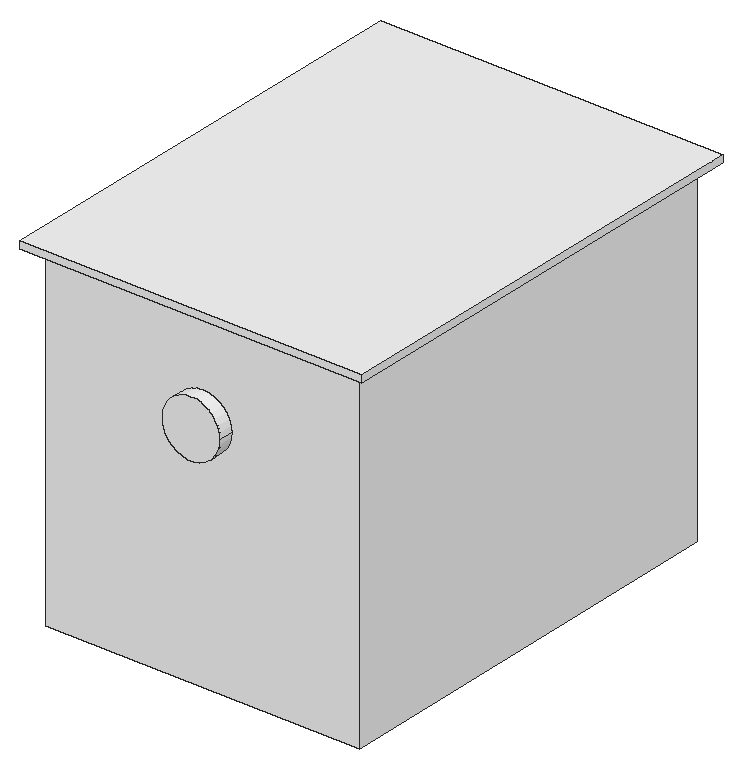
Revit family "Plumbing Fixture-Grease_Interseptor_Mifab_MI-E-G", category Plumbing Fixtures, host Face, Revit 2013
Parameters (values of type "MI-E-G-7")
  Water Capacity = "46.82 Gallons"
  WFU = 0
  URL = "www.mifab.com"
  Standard Inlet And Outlet Radii = F / 2  # 2.000"
  Model = "MI-E-G-7"
  Manufacturer = "MIFAB"
  Interceptor Material = Acid Resistant Epoxy Coated Green
  Grease Capacity = "100 lbs"
  Flow Rate = "50 GPM"
  F = 4.000"
  E = 26.000"
  Description = "Electronic Grease Interceptor"
  Default Elevation = 0.000"
  D = 16.500"
  C = 7.500"
  B = 23.750"
  Assembly Code = "D2090300"
  A = 31.250"
Types (9): name | Water Capacity | Model | Grease Capacity | Flow Rate | E | D | B | A
  (no name) | "46.82 Gallons" | "MI-E-G-7" | "100 lbs" | "50 GPM" | 26.000" | 16.500" | 23.750" | 31.250"
  MI-E-G-0 | "4.43 Gallons" | "MI-E-G-0" | "8 lbs" | "4 GPM" | 16.000" | 8.500" | 11.250" | 16.750"
  MI-E-G-1 | "6 Gallons" | "MI-E-G-1" | "14 lbs" | "7 GPM" | 16.000" | 8.500" | 13.750" | 17.750"
  MI-E-G-2 | "9.74 Gallons" | "MI-E-G-2" | "20 lbs" | "10 GPM" | 17.000" | 9.500" | 15.750" | 21.250"
  MI-E-G-3 | "13.59 Gallons" | "MI-E-G-3" | "30 lbs" | "15 GPM" | 19.000" | 11.500" | 15.750" | 23.750"
  MI-E-G-4 | "16.18 Gallons" | "MI-E-G-4" | "40 lbs" | "20 GPM" | 21.500" | 14.000" | 15.750" | 23.750"
  MI-E-G-5 | "23.34 Gallons" | "MI-E-G-5" | "50 lbs" | "25 GPM" | 21.500" | 14.000" | 18.750" | 27.750"
  MI-E-G-6 | "41.31 Gallons" | "MI-E-G-6" | "70 lbs" | "35 GPM" | 24.000" | 16.500" | 23.750" | 31.250"
  MI-E-G-7 | "46.82 Gallons" | "MI-E-G-7" | "100 lbs" | "50 GPM" | 26.000" | 16.500" | 23.750" | 31.250"
Reference planes (in)
  plane 1 "Center (Front/Back)": y = 0
  plane 2: z = 0
  plane 3 "Center (Left/Right)": x = 0
  plane 4: x = -11.875
  plane 5: y = -15.625
  plane 6: y = 15.625
  plane 7: x = 11.875
  plane 8: z = -7.5
  plane 9: z = -24
  plane 10: z = -26
  plane 11: z = -0.1345
  plane 12: z = -25.8655
  plane 13: z = -6.35862
  plane 14: z = -7
Forms (in)
  Extrusion 1, solid, material "Acid Resistant Epoxy Coated Green" <- "Interceptor Material"
    sketch origin (0, 0, 0) x (1, 0, 0) y (0, 1, 0)
      loop
        line (-11.875, 15.625) -> (-11.875, -15.625) -> (11.875, -15.625) -> (11.875, 15.625) -> (-11.875, 15.625)
    from 0 to -0.5
  Extrusion 2, solid, material "Acid Resistant Epoxy Coated Green" <- "Interceptor Material"
    sketch origin (0, 0, 0) x (1, 0, 0) y (0, 1, 0)
      loop
        line (-10.875, 14.625) -> (-10.875, -14.625) -> (10.875, -14.625) -> (10.875, 14.625) -> (-10.875, 14.625)
    from 0 to -24
  Extrusion 3, solid, material "Acid Resistant Epoxy Coated Green" <- "Interceptor Material"
    sketch origin (0, 0, 0) x (1, 0, 0) y (0, 0, 1)
      loop
        circle (0, -7.5) r 2
    from -15.625 to 15.625
Cuts and joins
  joined: Extrusion 1, Extrusion 2, Extrusion 3
Lines and regions (in)
  symbolic lines
    curve 1: line (-11.875, 15.625, 0) -> (11.875, 15.625, 0)
    curve 2: line (-11.875, -15.625, 0) -> (-11.875, 15.625, 0)
    curve 3: line (11.875, -15.625, 0) -> (-11.875, -15.625, 0)
    curve 4: line (11.875, 15.625, 0) -> (11.875, -15.625, 0)
Dimensions and locks (in)
  equal spacing: plane 4, plane 3 "Center (Left/Right)", plane 7
  equal spacing: plane 6, plane 1 "Center (Front/Back)", plane 5
  "B": plane 4 to plane 7
  "A": plane 6 to plane 5
  "C": host face to plane 8
  "D": plane 8 to plane 9
  "E": host face to plane 10
  equal spacing: Extrusion 2 sketch curve, plane 3 "Center (Left/Right)", Extrusion 2 sketch curve
  equal spacing: Extrusion 2 sketch curve, plane 1 "Center (Front/Back)", Extrusion 2 sketch curve
  Extrusion 2 sketch curve to plane 6 = 1.000"
  plane 4 to Extrusion 2 sketch curve = 1.000"
  locked: plane 12 to plane 10 at 0.1345
  locked: host face to plane 11 at 0.1345
  locked: plane 14 to plane 10 at 19
  "F": diameter of Extrusion 3 sketch curve
  aligned and locked: plane 2 to host face
  aligned and locked: level to host face
  aligned and locked: Extrusion 1 sketch curve to plane 6
  aligned and locked: Extrusion 1 sketch curve to plane 4
  aligned and locked: plane 5 to Extrusion 1 sketch curve
  aligned and locked: Extrusion 1 sketch curve to plane 7
  aligned and locked: Extrusion 2 to plane 9
  aligned and locked: Extrusion 3 to plane 5
  aligned and locked: plane 6 to Extrusion 3
  aligned and locked: Extrusion 3 to cut or joined group of Extrusion 1, Extrusion 2, Extrusion 3
  aligned and locked: curve 1 to plane 6
  aligned and locked: curve 2 to plane 4
  aligned and locked: plane 5 to curve 3
  aligned and locked: curve 4 to plane 7
Automatic sketch dimensions
  host sketch curve to host sketch curve = 58.89117"
  host sketch curve to host sketch curve = 57.82627"
  Extrusion 3 sketch curve to plane 3 "Center (Left/Right)" = 0.000"
  Extrusion 3 sketch curve to plane 8 = 0.000"
Connectors (in)
  piping at (0, 15.625, -7.5), driven by "Standard Inlet And Outlet Radii"
    settings: on cut or joined group of Extrusion 1, Extrusion 2, Extrusion 3, index 1, connector radius 2", flow factor 0, pipe flow 0 GPM, pressure drop 0.00 psi, fitting loss kfactor 0, connector angle 0.00°, fixture units 0, engagement length 0.000", flow configuration 0, flow direction 1, fitting loss method 0, system type 16, joint type 0, gender type 0, connector reference index -1, connector utility 0, adjustable connector no, is connector primary yes, fitting loss table "", connector description "In"
  piping at (0, -15.625, -7.5), driven by "Standard Inlet And Outlet Radii"
    settings: on cut or joined group of Extrusion 1, Extrusion 2, Extrusion 3, index 2, connector radius 2", flow factor 0, pipe flow 0 GPM, pressure drop 0.00 psi, fitting loss kfactor 0, connector angle 0.00°, fixture units 0, engagement length 0.000", flow configuration 0, flow direction 2, fitting loss method 0, system type 16, joint type 0, gender type 0, connector reference index -1, connector utility 0, adjustable connector no, is connector primary no, fitting loss table "", connector description "Out"
